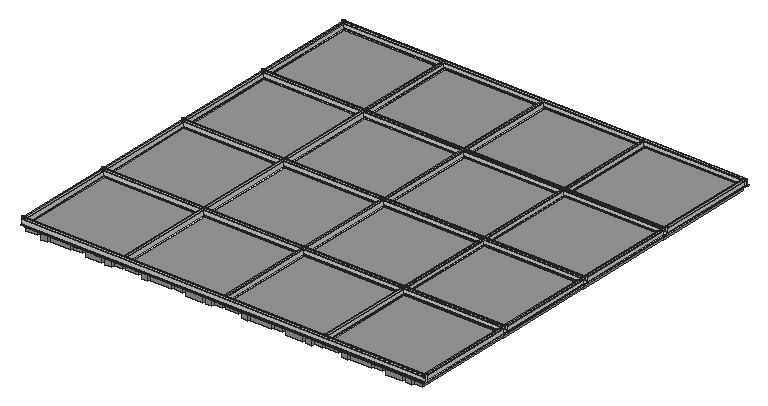
Revit family "GRD-FPG-013_TILE 003_RFA", category Modelos genéricos, Revit 2022
Family settings
  Puede alojar armadura = No
  Cota de conector redondo = Diámetro de uso
  Tipo de pieza = Normal
  Se basa en plano de trabajo = No
  Siempre vertical = Sí
  Corte con vacíos al cargar = No
  Mantener orientación de anotación = No
  Compartido = No
  Punto de cálculo de habitación = No
Parameters
  Elevación por defecto = 0.00"
Reference planes (in)
  plane 1 "Centro (Frontal/Posterior)": y = 0
  plane 2: z = 0
  plane 3 "Centro (Izquierda/Derecha)": x = 0
Forms (in)
  Extrusion 1, solid, not visible
    sketch origin (0, 0, 0) x (1, 0, 0) y (0, 1, 0)
      loop
        line (0, 2.25) -> (0, 0) -> (108, 0) -> (108, 2.25) -> (0, 2.25)
    from 0 to 8
  Extrusion 2, solid, not visible
    sketch origin (0, 0, 0) x (1, 0, 0) y (0, 1, 0)
      loop
        line (0, 2.25) -> (0, 0) -> (108, 0) -> (108, 2.25) -> (0, 2.25)
    from 0 to 8
  Extrusion 3, solid, not visible
    sketch origin (0, 8, 0) x (1, 0, 0) y (0, 1, 0)
      loop
        line (0, 2.25) -> (0, 0) -> (108, 0) -> (108, 2.25) -> (0, 2.25)
    from 0 to 8
  Extrusion 4, solid, not visible
    sketch origin (0, 16, 0) x (1, 0, 0) y (0, 1, 0)
      loop
        line (0, 2.25) -> (0, 0) -> (108, 0) -> (108, 2.25) -> (0, 2.25)
    from 0 to 8
  Extrusion 5, solid, not visible
    sketch origin (0, 24, 0) x (1, 0, 0) y (0, 1, 0)
      loop
        line (0, 2.25) -> (0, 0) -> (108, 0) -> (108, 2.25) -> (0, 2.25)
    from 0 to 8
  Extrusion 6, solid, not visible
    sketch origin (0, 32, 0) x (1, 0, 0) y (0, 1, 0)
      loop
        line (0, 2.25) -> (0, 0) -> (108, 0) -> (108, 2.25) -> (0, 2.25)
    from 0 to 8
  Extrusion 7, solid, not visible
    sketch origin (0, 40, 0) x (1, 0, 0) y (0, 1, 0)
      loop
        line (0, 2.25) -> (0, 0) -> (108, 0) -> (108, 2.25) -> (0, 2.25)
    from 0 to 8
  Extrusion 8, solid, not visible
    sketch origin (0, 48, 0) x (1, 0, 0) y (0, 1, 0)
      loop
        line (0, 2.25) -> (0, 0) -> (108, 0) -> (108, 2.25) -> (0, 2.25)
    from 0 to 8
  Extrusion 9, solid, not visible
    sketch origin (0, 56, 0) x (1, 0, 0) y (0, 1, 0)
      loop
        line (0, 2.25) -> (0, 0) -> (108, 0) -> (108, 2.25) -> (0, 2.25)
    from 0 to 8
  Extrusion 10, solid, not visible
    sketch origin (0, 64, 0) x (1, 0, 0) y (0, 1, 0)
      loop
        line (0, 2.25) -> (0, 0) -> (108, 0) -> (108, 2.25) -> (0, 2.25)
    from 0 to 8
  Extrusion 11, solid, not visible
    sketch origin (0, 72, 0) x (1, 0, 0) y (0, 1, 0)
      loop
        line (0, 2.25) -> (0, 0) -> (108, 0) -> (108, 2.25) -> (0, 2.25)
    from 0 to 8
  Extrusion 12, solid, not visible
    sketch origin (0, 80, 0) x (1, 0, 0) y (0, 1, 0)
      loop
        line (0, 2.25) -> (0, 0) -> (108, 0) -> (108, 2.25) -> (0, 2.25)
    from 0 to 8
  Extrusion 13, solid, not visible
    sketch origin (0, 88, 0) x (1, 0, 0) y (0, 1, 0)
      loop
        line (0, 2.25) -> (0, 0) -> (108, 0) -> (108, 2.25) -> (0, 2.25)
    from 0 to 8
  Extrusion 14, solid, not visible
    sketch origin (0, 96, 0) x (1, 0, 0) y (0, 1, 0)
      loop
        line (0, 2.25) -> (0, 0) -> (108, 0) -> (108, 2.25) -> (0, 2.25)
    from 0 to 8
  Extrusion 15, solid, not visible
    sketch origin (0, 104, 0) x (1, 0, 0) y (0, 1, 0)
      loop
        line (0, 2.25) -> (0, 0) -> (108, 0) -> (108, 2.25) -> (0, 2.25)
    from 0 to 8
  Extrusion 16, solid, not visible
    sketch origin (0, 112, 0) x (1, 0, 0) y (0, 1, 0)
      loop
        line (0, 2.25) -> (0, 0) -> (108, 0) -> (108, 2.25) -> (0, 2.25)
    from 0 to 8
  Extrusion 17, solid, not visible
    sketch origin (0, 120, 0) x (1, 0, 0) y (0, 1, 0)
      loop
        line (0, 2.25) -> (0, 0) -> (108, 0) -> (108, 2.25) -> (0, 2.25)
    from 0 to 8
  Extrusion 18, solid, not visible
    sketch origin (0, 128, 0) x (1, 0, 0) y (0, 1, 0)
      loop
        line (0, 2.25) -> (0, 0) -> (108, 0) -> (108, 2.25) -> (0, 2.25)
    from 0 to 8
  Extrusion 19, solid, not visible
    sketch origin (0, 136, 0) x (1, 0, 0) y (0, 1, 0)
      loop
        line (0, 2.25) -> (0, 0) -> (108, 0) -> (108, 2.25) -> (0, 2.25)
    from 0 to 8
  Extrusion 20, solid, not visible
    sketch origin (0, 144, 0) x (1, 0, 0) y (0, 1, 0)
      loop
        line (0, 2.25) -> (0, 0) -> (108, 0) -> (108, 2.25) -> (0, 2.25)
    from 0 to 8
  Extrusion 21, solid, not visible
    sketch origin (0, 152, 0) x (1, 0, 0) y (0, 1, 0)
      loop
        line (0, 2.25) -> (0, 0) -> (108, 0) -> (108, 2.25) -> (0, 2.25)
    from 0 to 8
  Extrusion 22, solid, not visible
    sketch origin (109, 0, 0) x (1, 0, 0) y (0, 1, 0)
      loop
        line (0, 2.25) -> (0, 0) -> (108, 0) -> (108, 2.25) -> (0, 2.25)
    from 0 to 8
  Extrusion 23, solid, not visible
    sketch origin (109, 8, 0) x (1, 0, 0) y (0, 1, 0)
      loop
        line (0, 2.25) -> (0, 0) -> (108, 0) -> (108, 2.25) -> (0, 2.25)
    from 0 to 8
  Extrusion 24, solid, not visible
    sketch origin (109, 16, 0) x (1, 0, 0) y (0, 1, 0)
      loop
        line (0, 2.25) -> (0, 0) -> (108, 0) -> (108, 2.25) -> (0, 2.25)
    from 0 to 8
  Extrusion 25, solid, not visible
    sketch origin (109, 24, 0) x (1, 0, 0) y (0, 1, 0)
      loop
        line (0, 2.25) -> (0, 0) -> (108, 0) -> (108, 2.25) -> (0, 2.25)
    from 0 to 8
  Extrusion 26, solid, not visible
    sketch origin (109, 32, 0) x (1, 0, 0) y (0, 1, 0)
      loop
        line (0, 2.25) -> (0, 0) -> (108, 0) -> (108, 2.25) -> (0, 2.25)
    from 0 to 8
  Extrusion 27, solid, not visible
    sketch origin (109, 40, 0) x (1, 0, 0) y (0, 1, 0)
      loop
        line (0, 2.25) -> (0, 0) -> (108, 0) -> (108, 2.25) -> (0, 2.25)
    from 0 to 8
  Extrusion 28, solid, not visible
    sketch origin (109, 48, 0) x (1, 0, 0) y (0, 1, 0)
      loop
        line (0, 2.25) -> (0, 0) -> (108, 0) -> (108, 2.25) -> (0, 2.25)
    from 0 to 8
  Extrusion 29, solid, not visible
    sketch origin (109, 56, 0) x (1, 0, 0) y (0, 1, 0)
      loop
        line (0, 2.25) -> (0, 0) -> (108, 0) -> (108, 2.25) -> (0, 2.25)
    from 0 to 8
  Extrusion 30, solid, not visible
    sketch origin (109, 64, 0) x (1, 0, 0) y (0, 1, 0)
      loop
        line (0, 2.25) -> (0, 0) -> (108, 0) -> (108, 2.25) -> (0, 2.25)
    from 0 to 8
  Extrusion 31, solid, not visible
    sketch origin (109, 72, 0) x (1, 0, 0) y (0, 1, 0)
      loop
        line (0, 2.25) -> (0, 0) -> (108, 0) -> (108, 2.25) -> (0, 2.25)
    from 0 to 8
  Extrusion 32, solid, not visible
    sketch origin (109, 80, 0) x (1, 0, 0) y (0, 1, 0)
      loop
        line (0, 2.25) -> (0, 0) -> (108, 0) -> (108, 2.25) -> (0, 2.25)
    from 0 to 8
  Extrusion 33, solid, not visible
    sketch origin (109, 88, 0) x (1, 0, 0) y (0, 1, 0)
      loop
        line (0, 2.25) -> (0, 0) -> (108, 0) -> (108, 2.25) -> (0, 2.25)
    from 0 to 8
  Extrusion 34, solid, not visible
    sketch origin (109, 96, 0) x (1, 0, 0) y (0, 1, 0)
      loop
        line (0, 2.25) -> (0, 0) -> (108, 0) -> (108, 2.25) -> (0, 2.25)
    from 0 to 8
  Extrusion 35, solid, not visible
    sketch origin (109, 104, 0) x (1, 0, 0) y (0, 1, 0)
      loop
        line (0, 2.25) -> (0, 0) -> (108, 0) -> (108, 2.25) -> (0, 2.25)
    from 0 to 8
  Extrusion 36, solid, not visible
    sketch origin (109, 112, 0) x (1, 0, 0) y (0, 1, 0)
      loop
        line (0, 2.25) -> (0, 0) -> (108, 0) -> (108, 2.25) -> (0, 2.25)
    from 0 to 8
  Extrusion 37, solid, not visible
    sketch origin (109, 120, 0) x (1, 0, 0) y (0, 1, 0)
      loop
        line (0, 2.25) -> (0, 0) -> (108, 0) -> (108, 2.25) -> (0, 2.25)
    from 0 to 8
  Extrusion 38, solid, not visible
    sketch origin (109, 128, 0) x (1, 0, 0) y (0, 1, 0)
      loop
        line (0, 2.25) -> (0, 0) -> (108, 0) -> (108, 2.25) -> (0, 2.25)
    from 0 to 8
  Extrusion 39, solid, not visible
    sketch origin (109, 136, 0) x (1, 0, 0) y (0, 1, 0)
      loop
        line (0, 2.25) -> (0, 0) -> (108, 0) -> (108, 2.25) -> (0, 2.25)
    from 0 to 8
  Extrusion 40, solid, not visible
    sketch origin (109, 144, 0) x (1, 0, 0) y (0, 1, 0)
      loop
        line (0, 2.25) -> (0, 0) -> (108, 0) -> (108, 2.25) -> (0, 2.25)
    from 0 to 8
  Extrusion 41, solid, not visible
    sketch origin (109, 152, 0) x (1, 0, 0) y (0, 1, 0)
      loop
        line (0, 2.25) -> (0, 0) -> (108, 0) -> (108, 2.25) -> (0, 2.25)
    from 0 to 8
  Extrusion 42, solid, not visible
    sketch origin (-108, 0, 0) x (1, 0, 0) y (0, 1, 0)
      loop
        line (0, 2.25) -> (0, 0) -> (108, 0) -> (108, 2.25) -> (0, 2.25)
    from 0 to 8
  Extrusion 43, solid, not visible
    sketch origin (-108, 8, 0) x (1, 0, 0) y (0, 1, 0)
      loop
        line (0, 2.25) -> (0, 0) -> (108, 0) -> (108, 2.25) -> (0, 2.25)
    from 0 to 8
  Extrusion 44, solid, not visible
    sketch origin (-108, 16, 0) x (1, 0, 0) y (0, 1, 0)
      loop
        line (0, 2.25) -> (0, 0) -> (108, 0) -> (108, 2.25) -> (0, 2.25)
    from 0 to 8
  Extrusion 45, solid, not visible
    sketch origin (-108, 24, 0) x (1, 0, 0) y (0, 1, 0)
      loop
        line (0, 2.25) -> (0, 0) -> (108, 0) -> (108, 2.25) -> (0, 2.25)
    from 0 to 8
  Extrusion 46, solid, not visible
    sketch origin (-108, 32, 0) x (1, 0, 0) y (0, 1, 0)
      loop
        line (0, 2.25) -> (0, 0) -> (108, 0) -> (108, 2.25) -> (0, 2.25)
    from 0 to 8
  Extrusion 47, solid, not visible
    sketch origin (-108, 40, 0) x (1, 0, 0) y (0, 1, 0)
      loop
        line (0, 2.25) -> (0, 0) -> (108, 0) -> (108, 2.25) -> (0, 2.25)
    from 0 to 8
  Extrusion 48, solid, not visible
    sketch origin (1, 0, 0) x (1, 0, 0) y (0, 1, 0)
      loop
        line (0, 2.25) -> (0, 0) -> (108, 0) -> (108, 2.25) -> (0, 2.25)
    from 0 to 8
  Extrusion 49, solid, not visible
    sketch origin (1, 8, 0) x (1, 0, 0) y (0, 1, 0)
      loop
        line (0, 2.25) -> (0, 0) -> (108, 0) -> (108, 2.25) -> (0, 2.25)
    from 0 to 8
  Extrusion 50, solid, not visible
    sketch origin (1, 16, 0) x (1, 0, 0) y (0, 1, 0)
      loop
        line (0, 2.25) -> (0, 0) -> (108, 0) -> (108, 2.25) -> (0, 2.25)
    from 0 to 8
  Extrusion 51, solid, not visible
    sketch origin (1, 24, 0) x (1, 0, 0) y (0, 1, 0)
      loop
        line (0, 2.25) -> (0, 0) -> (108, 0) -> (108, 2.25) -> (0, 2.25)
    from 0 to 8
  Extrusion 52, solid, not visible
    sketch origin (1, 32, 0) x (1, 0, 0) y (0, 1, 0)
      loop
        line (0, 2.25) -> (0, 0) -> (108, 0) -> (108, 2.25) -> (0, 2.25)
    from 0 to 8
  Extrusion 53, solid, not visible
    sketch origin (1, 40, 0) x (1, 0, 0) y (0, 1, 0)
      loop
        line (0, 2.25) -> (0, 0) -> (108, 0) -> (108, 2.25) -> (0, 2.25)
    from 0 to 8
  Extrusion 54, solid, not visible
    sketch origin (-108, 48, 0) x (1, 0, 0) y (0, 1, 0)
      loop
        line (0, 2.25) -> (0, 0) -> (108, 0) -> (108, 2.25) -> (0, 2.25)
    from 0 to 8
  Extrusion 55, solid, not visible
    sketch origin (-108, 56, 0) x (1, 0, 0) y (0, 1, 0)
      loop
        line (0, 2.25) -> (0, 0) -> (108, 0) -> (108, 2.25) -> (0, 2.25)
    from 0 to 8
  Extrusion 56, solid, not visible
    sketch origin (-108, 64, 0) x (1, 0, 0) y (0, 1, 0)
      loop
        line (0, 2.25) -> (0, 0) -> (108, 0) -> (108, 2.25) -> (0, 2.25)
    from 0 to 8
  Extrusion 57, solid, not visible
    sketch origin (-108, 72, 0) x (1, 0, 0) y (0, 1, 0)
      loop
        line (0, 2.25) -> (0, 0) -> (108, 0) -> (108, 2.25) -> (0, 2.25)
    from 0 to 8
  Extrusion 58, solid, not visible
    sketch origin (-108, 80, 0) x (1, 0, 0) y (0, 1, 0)
      loop
        line (0, 2.25) -> (0, 0) -> (108, 0) -> (108, 2.25) -> (0, 2.25)
    from 0 to 8
  Extrusion 59, solid, not visible
    sketch origin (1, 48, 0) x (1, 0, 0) y (0, 1, 0)
      loop
        line (0, 2.25) -> (0, 0) -> (108, 0) -> (108, 2.25) -> (0, 2.25)
    from 0 to 8
  Extrusion 60, solid, not visible
    sketch origin (1, 56, 0) x (1, 0, 0) y (0, 1, 0)
      loop
        line (0, 2.25) -> (0, 0) -> (108, 0) -> (108, 2.25) -> (0, 2.25)
    from 0 to 8
  Extrusion 61, solid, not visible
    sketch origin (1, 64, 0) x (1, 0, 0) y (0, 1, 0)
      loop
        line (0, 2.25) -> (0, 0) -> (108, 0) -> (108, 2.25) -> (0, 2.25)
    from 0 to 8
  Extrusion 62, solid, not visible
    sketch origin (1, 72, 0) x (1, 0, 0) y (0, 1, 0)
      loop
        line (0, 2.25) -> (0, 0) -> (108, 0) -> (108, 2.25) -> (0, 2.25)
    from 0 to 8
  Extrusion 63, solid, not visible
    sketch origin (1, 80, 0) x (1, 0, 0) y (0, 1, 0)
      loop
        line (0, 2.25) -> (0, 0) -> (108, 0) -> (108, 2.25) -> (0, 2.25)
    from 0 to 8
  Extrusion 64, solid, not visible
    sketch origin (-108, 88, 0) x (1, 0, 0) y (0, 1, 0)
      loop
        line (0, 2.25) -> (0, 0) -> (108, 0) -> (108, 2.25) -> (0, 2.25)
    from 0 to 8
  Extrusion 65, solid, not visible
    sketch origin (-108, 96, 0) x (1, 0, 0) y (0, 1, 0)
      loop
        line (0, 2.25) -> (0, 0) -> (108, 0) -> (108, 2.25) -> (0, 2.25)
    from 0 to 8
  Extrusion 66, solid, not visible
    sketch origin (-108, 104, 0) x (1, 0, 0) y (0, 1, 0)
      loop
        line (0, 2.25) -> (0, 0) -> (108, 0) -> (108, 2.25) -> (0, 2.25)
    from 0 to 8
  Extrusion 67, solid, not visible
    sketch origin (-108, 112, 0) x (1, 0, 0) y (0, 1, 0)
      loop
        line (0, 2.25) -> (0, 0) -> (108, 0) -> (108, 2.25) -> (0, 2.25)
    from 0 to 8
  Extrusion 68, solid, not visible
    sketch origin (-108, 120, 0) x (1, 0, 0) y (0, 1, 0)
      loop
        line (0, 2.25) -> (0, 0) -> (108, 0) -> (108, 2.25) -> (0, 2.25)
    from 0 to 8
  Extrusion 69, solid, not visible
    sketch origin (1, 88, 0) x (1, 0, 0) y (0, 1, 0)
      loop
        line (0, 2.25) -> (0, 0) -> (108, 0) -> (108, 2.25) -> (0, 2.25)
    from 0 to 8
  Extrusion 70, solid, not visible
    sketch origin (1, 96, 0) x (1, 0, 0) y (0, 1, 0)
      loop
        line (0, 2.25) -> (0, 0) -> (108, 0) -> (108, 2.25) -> (0, 2.25)
    from 0 to 8
  Extrusion 71, solid, not visible
    sketch origin (1, 104, 0) x (1, 0, 0) y (0, 1, 0)
      loop
        line (0, 2.25) -> (0, 0) -> (108, 0) -> (108, 2.25) -> (0, 2.25)
    from 0 to 8
  Extrusion 72, solid, not visible
    sketch origin (1, 112, 0) x (1, 0, 0) y (0, 1, 0)
      loop
        line (0, 2.25) -> (0, 0) -> (108, 0) -> (108, 2.25) -> (0, 2.25)
    from 0 to 8
  Extrusion 73, solid, not visible
    sketch origin (1, 120, 0) x (1, 0, 0) y (0, 1, 0)
      loop
        line (0, 2.25) -> (0, 0) -> (108, 0) -> (108, 2.25) -> (0, 2.25)
    from 0 to 8
  Extrusion 74, solid, not visible
    sketch origin (-108, 128, 0) x (1, 0, 0) y (0, 1, 0)
      loop
        line (0, 2.25) -> (0, 0) -> (108, 0) -> (108, 2.25) -> (0, 2.25)
    from 0 to 8
  Extrusion 75, solid, not visible
    sketch origin (-108, 136, 0) x (1, 0, 0) y (0, 1, 0)
      loop
        line (0, 2.25) -> (0, 0) -> (108, 0) -> (108, 2.25) -> (0, 2.25)
    from 0 to 8
  Extrusion 76, solid, not visible
    sketch origin (-108, 144, 0) x (1, 0, 0) y (0, 1, 0)
      loop
        line (0, 2.25) -> (0, 0) -> (108, 0) -> (108, 2.25) -> (0, 2.25)
    from 0 to 8
  Extrusion 77, solid, not visible
    sketch origin (-108, 152, 0) x (1, 0, 0) y (0, 1, 0)
      loop
        line (0, 2.25) -> (0, 0) -> (108, 0) -> (108, 2.25) -> (0, 2.25)
    from 0 to 8
  Extrusion 78, solid, not visible
    sketch origin (-108, 160, 0) x (1, 0, 0) y (0, 1, 0)
      loop
        line (0, 2.25) -> (0, 0) -> (108, 0) -> (108, 2.25) -> (0, 2.25)
    from 0 to 8
  Extrusion 79, solid, not visible
    sketch origin (1, 128, 0) x (1, 0, 0) y (0, 1, 0)
      loop
        line (0, 2.25) -> (0, 0) -> (108, 0) -> (108, 2.25) -> (0, 2.25)
    from 0 to 8
  Extrusion 80, solid, not visible
    sketch origin (1, 136, 0) x (1, 0, 0) y (0, 1, 0)
      loop
        line (0, 2.25) -> (0, 0) -> (108, 0) -> (108, 2.25) -> (0, 2.25)
    from 0 to 8
  Extrusion 81, solid, not visible
    sketch origin (1, 144, 0) x (1, 0, 0) y (0, 1, 0)
      loop
        line (0, 2.25) -> (0, 0) -> (108, 0) -> (108, 2.25) -> (0, 2.25)
    from 0 to 8
  Extrusion 82, solid, not visible
    sketch origin (1, 152, 0) x (1, 0, 0) y (0, 1, 0)
      loop
        line (0, 2.25) -> (0, 0) -> (108, 0) -> (108, 2.25) -> (0, 2.25)
    from 0 to 8
  Extrusion 83, solid, not visible
    sketch origin (1, 160, 0) x (1, 0, 0) y (0, 1, 0)
      loop
        line (0, 2.25) -> (0, 0) -> (108, 0) -> (108, 2.25) -> (0, 2.25)
    from 0 to 8
  Extrusion 84, solid, not visible
    sketch origin (0, 0, 0) x (1, 0, 0) y (0, 1, 0)
      loop
        line (0, 3) -> (0, 0) -> (108, 0) -> (108, 3) -> (0, 3)
    from 0 to 8
  Extrusion 85, void, not visible
    sketch origin (0, 0, 0) x (1, 0, 0) y (0, 1, 0)
      loop
        line (6, 2) -> (6, 1) -> (66, 1) -> (66, 2) -> (6, 2)
    from 0 to 1.03
  Extrusion 86, solid, not visible
    sketch origin (0, 0, 0) x (1, 0, 0) y (0, 1, 0)
      loop
        line (0, 3) -> (0, 0) -> (108, 0) -> (108, 3) -> (0, 3)
    from 0 to 8
  Extrusion 87, void, not visible
    sketch origin (0, 0, 0) x (1, 0, 0) y (0, 1, 0)
      loop
        line (6, 2) -> (6, 1) -> (66, 1) -> (66, 2) -> (6, 2)
    from 0 to 1.03
  Extrusion 88, solid, not visible
    sketch origin (0, 0, 0) x (1, 0, 0) y (0, 1, 0)
      loop
        line (6, 2) -> (6, 1) -> (66, 1) -> (66, 2) -> (6, 2)
    from 0 to 1.03
  Extrusion 89, solid, not visible
    sketch origin (0, 32, 0) x (1, 0, 0) y (0, 1, 0)
      loop
        line (0, 3) -> (0, 0) -> (108, 0) -> (108, 3) -> (0, 3)
    from 0 to 8
  Extrusion 90, void, not visible
    sketch origin (0, 32, 0) x (1, 0, 0) y (0, 1, 0)
      loop
        line (6, 2) -> (6, 1) -> (102, 1) -> (102, 2) -> (6, 2)
    from 0 to 1.03
  Extrusion 91, solid, not visible
    sketch origin (8.95842, -18.67436, 0) x (1, 0, 0) y (0, 1, 0)
      loop
        line (-8.48642, 97.64679) -> (-8.48642, 97.17436) -> (98.56914, 97.17436) -> (98.56914, 97.64679) -> (-8.48642, 97.64679)
    from 0.59055 to 8
  Extrusion 92, solid, not visible
    sketch origin (8.95842, -16.6468, 0) x (1, 0, 0) y (0, 1, 0)
      loop
        line (-8.48642, 97.64679) -> (-8.48642, 97.17436) -> (98.56914, 97.17436) -> (98.56914, 97.64679) -> (-8.48642, 97.64679)
    from 0.59055 to 8
  Extrusion 93, solid, not visible
    sketch origin (60.46912, 110.28574, 0) x (1, 0, 0) y (0, 1, 0)
      loop
        line (45.03088, -29.28574) -> (-57.96911, -29.28574) -> (-57.96911, -31.78574) -> (45.03088, -31.78574) -> (45.03088, -29.28574)
      loop
        line (23.78088, -31.03574) -> (41.78088, -31.03574) -> (41.78088, -30.03574) -> (23.78088, -30.03574) -> (23.78088, -31.03574)
      loop
        line (-54.71912, -31.03574) -> (-36.71912, -31.03574) -> (-36.71912, -30.03574) -> (-54.71912, -30.03574) -> (-54.71912, -31.03574)
    from 0 to 0.59055
  Extrusion 94, solid, not visible
    sketch origin (108, 51.5, 0) x (0, 1, 0) y (-1, 0, 0)
      loop
        line (27.75, 102.25) -> (27.75, 84.25) -> (28.75, 84.25) -> (28.75, 102.25) -> (27.75, 102.25)
    from 0 to 1
  Extrusion 95, solid, not visible
    sketch origin (186.5, 51.5, 0) x (0, 1, 0) y (-1, 0, 0)
      loop
        line (27.75, 102.25) -> (27.75, 84.25) -> (28.75, 84.25) -> (28.75, 102.25) -> (27.75, 102.25)
    from 0 to 1
  Extrusion 96, solid, not visible
    sketch origin (8.95842, -44.42438, 0) x (1, 0, 0) y (0, 1, 0)
      loop
        line (-8.48642, 97.64679) -> (-8.48642, 97.17436) -> (98.56914, 97.17436) -> (98.56914, 97.64679) -> (-8.48642, 97.64679)
    from 0.59055 to 8
  Extrusion 97, solid, not visible
    sketch origin (8.95842, -42.39682, 0) x (1, 0, 0) y (0, 1, 0)
      loop
        line (-8.48642, 97.64679) -> (-8.48642, 97.17436) -> (98.56914, 97.17436) -> (98.56914, 97.64679) -> (-8.48642, 97.64679)
    from 0.59055 to 8
  Extrusion 98, solid, not visible
    sketch origin (60.46912, 84.53571, 0) x (1, 0, 0) y (0, 1, 0)
      loop
        line (45.03088, -29.28574) -> (-57.96911, -29.28574) -> (-57.96911, -31.78574) -> (45.03088, -31.78574) -> (45.03088, -29.28574)
      loop
        line (-28.96912, -31.03574) -> (-10.96912, -31.03574) -> (-10.96912, -30.03574) -> (-28.96912, -30.03574) -> (-28.96912, -31.03574)
      loop
        line (-3.21912, -31.03571) -> (14.78088, -31.03571) -> (14.78088, -30.03571) -> (-3.21912, -30.03571) -> (-3.21912, -31.03571)
    from 0 to 0.59055
  Extrusion 99, solid, not visible
    sketch origin (133.74998, 25.74998, 0) x (0, 1, 0) y (-1, 0, 0)
      loop
        line (27.75, 102.25) -> (27.75, 84.25) -> (28.75, 84.25) -> (28.75, 102.25) -> (27.75, 102.25)
    from 0 to 1
  Extrusion 100, solid, not visible
    sketch origin (159.49998, 25.74998, 0) x (0, 1, 0) y (-1, 0, 0)
      loop
        line (27.75, 102.25) -> (27.75, 84.25) -> (28.75, 84.25) -> (28.75, 102.25) -> (27.75, 102.25)
    from 0 to 1
  Extrusion 101, solid, not visible
    sketch origin (8.95842, -70.17436, 0) x (1, 0, 0) y (0, 1, 0)
      loop
        line (-8.48642, 97.64679) -> (-8.48642, 97.17436) -> (98.56914, 97.17436) -> (98.56914, 97.64679) -> (-8.48642, 97.64679)
    from 0.59055 to 8
  Extrusion 102, solid, not visible
    sketch origin (8.95842, -68.1468, 0) x (1, 0, 0) y (0, 1, 0)
      loop
        line (-8.48642, 97.64679) -> (-8.48642, 97.17436) -> (98.56914, 97.17436) -> (98.56914, 97.64679) -> (-8.48642, 97.64679)
    from 0.59055 to 8
  Extrusion 103, solid, not visible
    sketch origin (60.46912, 58.78574, 0) x (1, 0, 0) y (0, 1, 0)
      loop
        line (45.03088, -29.28574) -> (-57.96911, -29.28574) -> (-57.96911, -31.78574) -> (45.03088, -31.78574) -> (45.03088, -29.28574)
      loop
        line (23.78088, -31.03574) -> (41.78088, -31.03574) -> (41.78088, -30.03574) -> (23.78088, -30.03574) -> (23.78088, -31.03574)
      loop
        line (-54.71912, -31.03574) -> (-36.71912, -31.03574) -> (-36.71912, -30.03574) -> (-54.71912, -30.03574) -> (-54.71912, -31.03574)
    from 0 to 0.59055
  Extrusion 104, solid, not visible
    sketch origin (108, 0, 0) x (0, 1, 0) y (-1, 0, 0)
      loop
        line (27.75, 102.25) -> (27.75, 84.25) -> (28.75, 84.25) -> (28.75, 102.25) -> (27.75, 102.25)
    from 0 to 1
  Extrusion 105, solid, not visible
    sketch origin (186.5, 0, 0) x (0, 1, 0) y (-1, 0, 0)
      loop
        line (27.75, 102.25) -> (27.75, 84.25) -> (28.75, 84.25) -> (28.75, 102.25) -> (27.75, 102.25)
    from 0 to 1
  Extrusion 106, solid, not visible
    sketch origin (-70.17436, 99.04114, 0) x (0, -1, 0) y (1, 0, 0)
      loop
        line (-8.48642, 97.64679) -> (-8.48642, 97.17436) -> (98.56914, 97.17436) -> (98.56914, 97.64679) -> (-8.48642, 97.64679)
    from 0.59055 to 8
  Extrusion 107, solid, not visible
    sketch origin (-68.1468, 99.04114, 0) x (0, -1, 0) y (1, 0, 0)
      loop
        line (-8.48642, 97.64679) -> (-8.48642, 97.17436) -> (98.56914, 97.17436) -> (98.56914, 97.64679) -> (-8.48642, 97.64679)
    from 0.59055 to 8
  Extrusion 108, solid, not visible
    sketch origin (-2.28571, 86.21912, 0) x (0, 1, 0) y (-1, 0, 0)
      loop
        line (19.28088, -29.28574) -> (-83.71912, -29.28574) -> (-83.71912, -31.78574) -> (19.28088, -31.78574) -> (19.28088, -29.28574)
      loop
        line (16.03088, -31.03571) -> (16.03088, -30.03571) -> (-1.96912, -30.03571) -> (-1.96912, -31.03571) -> (16.03088, -31.03571)
      loop
        line (-62.46912, -31.03571) -> (-62.46912, -30.03571) -> (-80.46912, -30.03571) -> (-80.46912, -31.03571) -> (-62.46912, -31.03571)
    from 0 to 0.59055
  Extrusion 109, solid, not visible
    sketch origin (0, 0, 0) x (1, 0, 0) y (0, 1, 0)
      loop
        line (27.75, 102.25) -> (27.75, 84.25) -> (28.75, 84.25) -> (28.75, 102.25) -> (27.75, 102.25)
    from 0 to 1
  Extrusion 110, solid, not visible
    sketch origin (0, -78.5, 0) x (1, 0, 0) y (0, 1, 0)
      loop
        line (27.75, 102.25) -> (27.75, 84.25) -> (28.75, 84.25) -> (28.75, 102.25) -> (27.75, 102.25)
    from 0 to 1
  Extrusion 111, solid, not visible
    sketch origin (-44.89438, 99.04114, 0) x (0, -1, 0) y (1, 0, 0)
      loop
        line (-8.48642, 97.64679) -> (-8.48642, 97.17436) -> (98.56914, 97.17436) -> (98.56914, 97.64679) -> (-8.48642, 97.64679)
    from 0.59055 to 8
  Extrusion 112, solid, not visible
    sketch origin (-42.39682, 99.04114, 0) x (0, -1, 0) y (1, 0, 0)
      loop
        line (-8.48642, 97.64679) -> (-8.48642, 97.17436) -> (98.56914, 97.17436) -> (98.56914, 97.64679) -> (-8.48642, 97.64679)
    from 0.59055 to 8
  Extrusion 113, solid, not visible
    sketch origin (23.46427, 86.21912, 0) x (0, 1, 0) y (-1, 0, 0)
      loop
        line (19.28088, -28.81571) -> (-83.71912, -28.81571) -> (-83.71912, -31.78574) -> (19.28088, -31.78574) -> (19.28088, -28.81571)
      loop
        line (-28.96912, -29.78573) -> (-28.96912, -30.78571) -> (-10.96912, -30.78571) -> (-10.96912, -29.78573) -> (-28.96912, -29.78573)
      loop
        line (-54.71914, -29.78573) -> (-54.71914, -30.78573) -> (-36.71914, -30.78573) -> (-36.71914, -29.78573) -> (-54.71914, -29.78573)
    from 0 to 0.59055
  Extrusion 114, solid, not visible
    sketch origin (25.74998, -27, 0) x (1, 0, 0) y (0, 1, 0)
      loop
        line (27.50002, 102.25) -> (27.50002, 84.25) -> (28.5, 84.25) -> (28.5, 102.25) -> (27.50002, 102.25)
    from 0 to 1
  Extrusion 115, solid, not visible
    sketch origin (25.74998, -52.75002, 0) x (1, 0, 0) y (0, 1, 0)
      loop
        line (27.50002, 102.25) -> (27.50002, 84.25) -> (28.50002, 84.25) -> (28.50002, 102.25) -> (27.50002, 102.25)
    from 0 to 1
  Extrusion 116, solid, not visible
    sketch origin (-18.67436, 99.04114, 0) x (0, -1, 0) y (1, 0, 0)
      loop
        line (-8.48642, 97.64679) -> (-8.48642, 97.17436) -> (98.56914, 97.17436) -> (98.56914, 97.64679) -> (-8.48642, 97.64679)
    from 0.59055 to 8
  Extrusion 117, solid, not visible
    sketch origin (-16.6468, 99.04114, 0) x (0, -1, 0) y (1, 0, 0)
      loop
        line (-8.48642, 97.64679) -> (-8.48642, 97.17436) -> (98.56914, 97.17436) -> (98.56914, 97.64679) -> (-8.48642, 97.64679)
    from 0.59055 to 8
  Extrusion 118, solid, not visible
    sketch origin (49.21426, 86.21912, 0) x (0, 1, 0) y (-1, 0, 0)
      loop
        line (19.28088, -29.28574) -> (-83.71912, -29.28574) -> (-83.71912, -31.78574) -> (19.28088, -31.78574) -> (19.28088, -29.28574)
      loop
        line (16.03088, -31.03571) -> (16.03088, -30.03571) -> (-1.96912, -30.03571) -> (-1.96912, -31.03571) -> (16.03088, -31.03571)
      loop
        line (-62.46912, -31.03571) -> (-62.46912, -30.03571) -> (-80.46912, -30.03571) -> (-80.46912, -31.03571) -> (-62.46912, -31.03571)
    from 0 to 0.59055
  Extrusion 119, solid, not visible
    sketch origin (51.49997, 0, 0) x (1, 0, 0) y (0, 1, 0)
      loop
        line (27.75, 102.25) -> (27.75, 84.25) -> (28.75, 84.25) -> (28.75, 102.25) -> (27.75, 102.25)
    from 0 to 1
  Extrusion 120, solid, not visible
    sketch origin (51.49997, -78.5, 0) x (1, 0, 0) y (0, 1, 0)
      loop
        line (27.75, 102.25) -> (27.75, 84.25) -> (28.75, 84.25) -> (28.75, 102.25) -> (27.75, 102.25)
    from 0 to 1
  Extrusion 121, solid, not visible
    sketch origin (10.23509, 91.82771, 0) x (0, -1, 0) y (1, 0, 0)
      loop
        line (-16.17229, 97.76491) -> (-15.69986, 97.29248) -> (91.35527, 97.29248) -> (91.82771, 97.76491) -> (-16.17229, 97.76491)
    from 0.59055 to 8
  Extrusion 122, solid, not visible
    sketch origin (137.28574, 61.88413, 0) x (0, 1, 0) y (-1, 0, 0)
      loop
        line (46.11587, 29.28574) -> (43.61587, 31.78574) -> (-59.38412, 31.78574) -> (-61.88412, 29.28574) -> (46.11587, 29.28574)
    from 0 to 0.59055
  Extrusion 123, solid, not visible
    sketch origin (8.20754, 91.82771, 0) x (0, -1, 0) y (1, 0, 0)
      loop
        line (-14.14474, 97.76491) -> (-13.67231, 97.29248) -> (89.32772, 97.29248) -> (89.80016, 97.76491) -> (-14.14474, 97.76491)
    from 0.59055 to 8.22418
  Extrusion 124, solid, not visible
    sketch origin (18.95842, 10.23509, 0) x (1, 0, 0) y (0, 1, 0)
      loop
        line (-18.95842, 97.76491) -> (-18.48598, 97.29247) -> (88.56914, 97.29247) -> (89.04158, 97.76491) -> (-18.95842, 97.76491)
    from 0.59055 to 8
  Extrusion 125, solid, not visible
    sketch origin (61.88413, 137.28574, 0) x (1, 0, 0) y (0, 1, 0)
      loop
        line (46.11587, -29.28574) -> (-61.88412, -29.28574) -> (-59.38412, -31.78574) -> (43.61587, -31.78574) -> (46.11587, -29.28574)
    from 0 to 0.59055
  Extrusion 126, solid, not visible
    sketch origin (18.95842, 8.20753, 0) x (1, 0, 0) y (0, 1, 0)
      loop
        line (-16.93086, 97.76491) -> (-16.45842, 97.29247) -> (86.54158, 97.29247) -> (87.01402, 97.76491) -> (-16.93086, 97.76491)
    from 0.59055 to 8
  Extrusion 127, solid, not visible
    sketch origin (-101.24865, 87.31603, 0) x (0, -1, 0) y (1, 0, 0)
      loop
        line (-20.21152, 101.72109) -> (-20.68397, 101.24865) -> (87.31604, 101.24865) -> (86.84359, 101.72109) -> (-20.21152, 101.72109)
    from 0.47244 to 8
  Extrusion 128, solid, not visible
    sketch origin (-29.28573, 61.88413, 0) x (0, 1, 0) y (-1, 0, 0)
      loop
        line (46.11587, -29.28574) -> (-61.88412, -29.28574) -> (-59.38412, -31.78574) -> (43.61587, -31.78574) -> (46.11587, -29.28574)
    from 0 to 0.59055
  Extrusion 129, solid, not visible
    sketch origin (-99.22109, 87.31603, 0) x (0, -1, 0) y (1, 0, 0)
      loop
        line (-18.18396, 101.72109) -> (-18.65641, 101.24865) -> (85.28848, 101.24865) -> (84.81603, 101.72109) -> (-18.18396, 101.72109)
    from 0.47244 to 8
  Extrusion 130, solid, not visible
    sketch origin (61.88413, -29.28574, 0) x (1, 0, 0) y (0, 1, 0)
      loop
        line (46.11587, 29.28574) -> (43.61587, 31.78574) -> (-59.38412, 31.78574) -> (-61.88412, 29.28574) -> (46.11587, 29.28574)
    from 0 to 0.47244
  Extrusion 131, solid, not visible
    sketch origin (8.95842, -97.17435, 0) x (1, 0, 0) y (0, 1, 0)
      loop
        line (-8.48598, 97.64679) -> (-8.95842, 97.17436) -> (99.04157, 97.17436) -> (98.56914, 97.64679) -> (-8.48598, 97.64679)
    from 0.59055 to 8
  Extrusion 132, solid, not visible
    sketch origin (8.95842, -95.14679, 0) x (1, 0, 0) y (0, 1, 0)
      loop
        line (-6.45842, 97.64679) -> (-6.93085, 97.17436) -> (97.01401, 97.17436) -> (96.54158, 97.64679) -> (-6.45842, 97.64679)
    from 0.59055 to 8
  Extrusion 133, solid, not visible
    sketch origin (61.88413, -29.28574, 0) x (1, 0, 0) y (0, 1, 0)
      loop
        line (46.11587, 29.28574) -> (43.61587, 31.78574) -> (-59.38412, 31.78574) -> (-61.88412, 29.28574) -> (46.11587, 29.28574)
    from 0 to 0.47244
  Extrusion 134, solid, not visible
    sketch origin (18.95842, 10.23509, 0) x (1, 0, 0) y (0, 1, 0)
      loop
        line (-18.95842, 97.76491) -> (-18.48598, 97.29247) -> (88.56914, 97.29247) -> (89.04158, 97.76491) -> (-18.95842, 97.76491)
    from 0.59055 to 8
  Extrusion 135, solid, not visible
    sketch origin (8.95842, -97.17435, 0) x (1, 0, 0) y (0, 1, 0)
      loop
        line (-8.48598, 97.64679) -> (-8.95842, 97.17436) -> (99.04157, 97.17436) -> (98.56914, 97.64679) -> (-8.48598, 97.64679)
    from 0.59055 to 8
  Extrusion 136, solid, not visible
    sketch origin (10.23509, 91.82771, 0) x (0, -1, 0) y (1, 0, 0)
      loop
        line (-16.17229, 97.76491) -> (-15.69986, 97.29248) -> (91.35527, 97.29248) -> (91.82771, 97.76491) -> (-16.17229, 97.76491)
    from 0.59055 to 8
  Extrusion 137, solid, not visible
    sketch origin (-101.24865, 87.31603, 0) x (0, -1, 0) y (1, 0, 0)
      loop
        line (-20.21152, 101.72109) -> (-20.68397, 101.24865) -> (87.31604, 101.24865) -> (86.84359, 101.72109) -> (-20.21152, 101.72109)
    from 0.47244 to 8
  Extrusion 138, solid, not visible
    sketch origin (61.88413, 137.28574, 0) x (1, 0, 0) y (0, 1, 0)
      loop
        line (46.11587, -29.28574) -> (-61.88412, -29.28574) -> (-59.38412, -31.78574) -> (43.61587, -31.78574) -> (46.11587, -29.28574)
    from 0 to 0.59055
  Extrusion 139, solid, not visible
    sketch origin (-29.28573, 61.88413, 0) x (0, 1, 0) y (-1, 0, 0)
      loop
        line (46.11587, -29.28574) -> (-61.88412, -29.28574) -> (-59.38412, -31.78574) -> (43.61587, -31.78574) -> (46.11587, -29.28574)
    from 0 to 0.59055
  Extrusion 140, solid, not visible
    sketch origin (137.28574, 61.88413, 0) x (0, 1, 0) y (-1, 0, 0)
      loop
        line (46.11587, 29.28574) -> (43.61587, 31.78574) -> (-59.38412, 31.78574) -> (-61.88412, 29.28574) -> (46.11587, 29.28574)
    from 0 to 0.59055
  Extrusion 141, solid, not visible
    sketch origin (8.95842, -95.14679, 0) x (1, 0, 0) y (0, 1, 0)
      loop
        line (-6.45842, 97.64679) -> (-6.93085, 97.17436) -> (97.01401, 97.17436) -> (96.54158, 97.64679) -> (-6.45842, 97.64679)
    from 0.59055 to 8
  Extrusion 142, solid, not visible
    sketch origin (-99.22109, 87.31603, 0) x (0, -1, 0) y (1, 0, 0)
      loop
        line (-18.18396, 101.72109) -> (-18.65641, 101.24865) -> (85.28848, 101.24865) -> (84.81603, 101.72109) -> (-18.18396, 101.72109)
    from 0.47244 to 8
  Extrusion 143, solid, not visible
    sketch origin (18.95842, 8.20753, 0) x (1, 0, 0) y (0, 1, 0)
      loop
        line (-16.93086, 97.76491) -> (-16.45842, 97.29247) -> (86.54158, 97.29247) -> (87.01402, 97.76491) -> (-16.93086, 97.76491)
    from 0.59055 to 8
  Extrusion 144, solid, not visible
    sketch origin (8.20754, 91.82771, 0) x (0, -1, 0) y (1, 0, 0)
      loop
        line (-14.14474, 97.76491) -> (-13.67231, 97.29248) -> (89.32772, 97.29248) -> (89.80016, 97.76491) -> (-14.14474, 97.76491)
    from 0.59055 to 8.22418
  Extrusion 145, solid, not visible
    sketch origin (8.95842, -70.17436, 0) x (1, 0, 0) y (0, 1, 0)
      loop
        line (-8.48642, 97.64679) -> (-8.48642, 97.17436) -> (98.56914, 97.17436) -> (98.56914, 97.64679) -> (-8.48642, 97.64679)
    from 0.59055 to 8
  Extrusion 146, solid, not visible
    sketch origin (8.95842, -68.1468, 0) x (1, 0, 0) y (0, 1, 0)
      loop
        line (-8.48642, 97.64679) -> (-8.48642, 97.17436) -> (98.56914, 97.17436) -> (98.56914, 97.64679) -> (-8.48642, 97.64679)
    from 0.59055 to 8
  Extrusion 147, solid, not visible
    sketch origin (8.95842, -44.42438, 0) x (1, 0, 0) y (0, 1, 0)
      loop
        line (-8.48642, 97.64679) -> (-8.48642, 97.17436) -> (98.56914, 97.17436) -> (98.56914, 97.64679) -> (-8.48642, 97.64679)
    from 0.59055 to 8
  Extrusion 148, solid, not visible
    sketch origin (8.95842, -42.39682, 0) x (1, 0, 0) y (0, 1, 0)
      loop
        line (-8.48642, 97.64679) -> (-8.48642, 97.17436) -> (98.56914, 97.17436) -> (98.56914, 97.64679) -> (-8.48642, 97.64679)
    from 0.59055 to 8
  Extrusion 149, solid, not visible
    sketch origin (8.95842, -18.67436, 0) x (1, 0, 0) y (0, 1, 0)
      loop
        line (-8.48642, 97.64679) -> (-8.48642, 97.17436) -> (98.56914, 97.17436) -> (98.56914, 97.64679) -> (-8.48642, 97.64679)
    from 0.59055 to 8
  Extrusion 150, solid, not visible
    sketch origin (8.95842, -16.6468, 0) x (1, 0, 0) y (0, 1, 0)
      loop
        line (-8.48642, 97.64679) -> (-8.48642, 97.17436) -> (98.56914, 97.17436) -> (98.56914, 97.64679) -> (-8.48642, 97.64679)
    from 0.59055 to 8
  Extrusion 151, solid, not visible
    sketch origin (-70.17436, 99.04114, 0) x (0, -1, 0) y (1, 0, 0)
      loop
        line (-8.48642, 97.64679) -> (-8.48642, 97.17436) -> (98.56914, 97.17436) -> (98.56914, 97.64679) -> (-8.48642, 97.64679)
    from 0.59055 to 8
  Extrusion 152, solid, not visible
    sketch origin (-68.1468, 99.04114, 0) x (0, -1, 0) y (1, 0, 0)
      loop
        line (-8.48642, 97.64679) -> (-8.48642, 97.17436) -> (98.56914, 97.17436) -> (98.56914, 97.64679) -> (-8.48642, 97.64679)
    from 0.59055 to 8
  Extrusion 153, solid, not visible
    sketch origin (-44.89438, 99.04114, 0) x (0, -1, 0) y (1, 0, 0)
      loop
        line (-8.48642, 97.64679) -> (-8.48642, 97.17436) -> (98.56914, 97.17436) -> (98.56914, 97.64679) -> (-8.48642, 97.64679)
    from 0.59055 to 8
  Extrusion 154, solid, not visible
    sketch origin (-42.39682, 99.04114, 0) x (0, -1, 0) y (1, 0, 0)
      loop
        line (-8.48642, 97.64679) -> (-8.48642, 97.17436) -> (98.56914, 97.17436) -> (98.56914, 97.64679) -> (-8.48642, 97.64679)
    from 0.59055 to 8
  Extrusion 155, solid, not visible
    sketch origin (-18.67436, 99.04114, 0) x (0, -1, 0) y (1, 0, 0)
      loop
        line (-8.48642, 97.64679) -> (-8.48642, 97.17436) -> (98.56914, 97.17436) -> (98.56914, 97.64679) -> (-8.48642, 97.64679)
    from 0.59055 to 8
  Extrusion 156, solid, not visible
    sketch origin (-16.6468, 99.04114, 0) x (0, -1, 0) y (1, 0, 0)
      loop
        line (-8.48642, 97.64679) -> (-8.48642, 97.17436) -> (98.56914, 97.17436) -> (98.56914, 97.64679) -> (-8.48642, 97.64679)
    from 0.59055 to 8
  Extrusion 157, solid, not visible
    sketch origin (60.46912, 110.28574, 0) x (1, 0, 0) y (0, 1, 0)
      loop
        line (45.03088, -29.28574) -> (-57.96911, -29.28574) -> (-57.96911, -31.78574) -> (45.03088, -31.78574) -> (45.03088, -29.28574)
      loop
        line (23.78088, -31.03574) -> (41.78088, -31.03574) -> (41.78088, -30.03574) -> (23.78088, -30.03574) -> (23.78088, -31.03574)
      loop
        line (-54.71912, -31.03574) -> (-36.71912, -31.03574) -> (-36.71912, -30.03574) -> (-54.71912, -30.03574) -> (-54.71912, -31.03574)
    from 0 to 0.59055
  Extrusion 158, solid, not visible
    sketch origin (60.46912, 84.53571, 0) x (1, 0, 0) y (0, 1, 0)
      loop
        line (45.03088, -29.28574) -> (-57.96911, -29.28574) -> (-57.96911, -31.78574) -> (45.03088, -31.78574) -> (45.03088, -29.28574)
      loop
        line (-28.96912, -31.03574) -> (-10.96912, -31.03574) -> (-10.96912, -30.03574) -> (-28.96912, -30.03574) -> (-28.96912, -31.03574)
      loop
        line (-3.21912, -31.03571) -> (14.78088, -31.03571) -> (14.78088, -30.03571) -> (-3.21912, -30.03571) -> (-3.21912, -31.03571)
    from 0 to 0.59055
  Extrusion 159, solid, not visible
    sketch origin (60.46912, 58.78574, 0) x (1, 0, 0) y (0, 1, 0)
      loop
        line (45.03088, -29.28574) -> (-57.96911, -29.28574) -> (-57.96911, -31.78574) -> (45.03088, -31.78574) -> (45.03088, -29.28574)
      loop
        line (23.78088, -31.03574) -> (41.78088, -31.03574) -> (41.78088, -30.03574) -> (23.78088, -30.03574) -> (23.78088, -31.03574)
      loop
        line (-54.71912, -31.03574) -> (-36.71912, -31.03574) -> (-36.71912, -30.03574) -> (-54.71912, -30.03574) -> (-54.71912, -31.03574)
    from 0 to 0.59055
  Extrusion 160, solid, not visible
    sketch origin (23.46427, 86.21912, 0) x (0, 1, 0) y (-1, 0, 0)
      loop
        line (19.28088, -28.81571) -> (-83.71912, -28.81571) -> (-83.71912, -31.78574) -> (19.28088, -31.78574) -> (19.28088, -28.81571)
      loop
        line (-28.96912, -29.78573) -> (-28.96912, -30.78571) -> (-10.96912, -30.78571) -> (-10.96912, -29.78573) -> (-28.96912, -29.78573)
      loop
        line (-54.71914, -29.78573) -> (-54.71914, -30.78573) -> (-36.71914, -30.78573) -> (-36.71914, -29.78573) -> (-54.71914, -29.78573)
    from 0 to 0.59055
  Extrusion 161, solid, not visible
    sketch origin (-2.28571, 86.21912, 0) x (0, 1, 0) y (-1, 0, 0)
      loop
        line (19.28088, -29.28574) -> (-83.71912, -29.28574) -> (-83.71912, -31.78574) -> (19.28088, -31.78574) -> (19.28088, -29.28574)
      loop
        line (16.03088, -31.03571) -> (16.03088, -30.03571) -> (-1.96912, -30.03571) -> (-1.96912, -31.03571) -> (16.03088, -31.03571)
      loop
        line (-62.46912, -31.03571) -> (-62.46912, -30.03571) -> (-80.46912, -30.03571) -> (-80.46912, -31.03571) -> (-62.46912, -31.03571)
    from 0 to 0.59055
  Extrusion 162, solid, not visible
    sketch origin (49.21426, 86.21912, 0) x (0, 1, 0) y (-1, 0, 0)
      loop
        line (19.28088, -29.28574) -> (-83.71912, -29.28574) -> (-83.71912, -31.78574) -> (19.28088, -31.78574) -> (19.28088, -29.28574)
      loop
        line (16.03088, -31.03571) -> (16.03088, -30.03571) -> (-1.96912, -30.03571) -> (-1.96912, -31.03571) -> (16.03088, -31.03571)
      loop
        line (-62.46912, -31.03571) -> (-62.46912, -30.03571) -> (-80.46912, -30.03571) -> (-80.46912, -31.03571) -> (-62.46912, -31.03571)
    from 0 to 0.59055
  Extrusion 163, solid, not visible
    sketch origin (0, 0, 0) x (1, 0, 0) y (0, 1, 0)
      loop
        line (27.75, 102.25) -> (27.75, 84.25) -> (28.75, 84.25) -> (28.75, 102.25) -> (27.75, 102.25)
    from 0 to 1
  Extrusion 164, solid, not visible
    sketch origin (0, -78.5, 0) x (1, 0, 0) y (0, 1, 0)
      loop
        line (27.75, 102.25) -> (27.75, 84.25) -> (28.75, 84.25) -> (28.75, 102.25) -> (27.75, 102.25)
    from 0 to 1
  Extrusion 165, solid, not visible
    sketch origin (51.49997, 0, 0) x (1, 0, 0) y (0, 1, 0)
      loop
        line (27.75, 102.25) -> (27.75, 84.25) -> (28.75, 84.25) -> (28.75, 102.25) -> (27.75, 102.25)
    from 0 to 1
  Extrusion 166, solid, not visible
    sketch origin (51.49997, -78.5, 0) x (1, 0, 0) y (0, 1, 0)
      loop
        line (27.75, 102.25) -> (27.75, 84.25) -> (28.75, 84.25) -> (28.75, 102.25) -> (27.75, 102.25)
    from 0 to 1
  Extrusion 167, solid, not visible
    sketch origin (25.74998, -27, 0) x (1, 0, 0) y (0, 1, 0)
      loop
        line (27.50002, 102.25) -> (27.50002, 84.25) -> (28.5, 84.25) -> (28.5, 102.25) -> (27.50002, 102.25)
    from 0 to 1
  Extrusion 168, solid, not visible
    sketch origin (25.74998, -52.75002, 0) x (1, 0, 0) y (0, 1, 0)
      loop
        line (27.50002, 102.25) -> (27.50002, 84.25) -> (28.50002, 84.25) -> (28.50002, 102.25) -> (27.50002, 102.25)
    from 0 to 1
  Extrusion 169, solid, not visible
    sketch origin (108, 0, 0) x (0, 1, 0) y (-1, 0, 0)
      loop
        line (27.75, 102.25) -> (27.75, 84.25) -> (28.75, 84.25) -> (28.75, 102.25) -> (27.75, 102.25)
    from 0 to 1
  Extrusion 170, solid, not visible
    sketch origin (186.5, 0, 0) x (0, 1, 0) y (-1, 0, 0)
      loop
        line (27.75, 102.25) -> (27.75, 84.25) -> (28.75, 84.25) -> (28.75, 102.25) -> (27.75, 102.25)
    from 0 to 1
  Extrusion 171, solid, not visible
    sketch origin (108, 51.5, 0) x (0, 1, 0) y (-1, 0, 0)
      loop
        line (27.75, 102.25) -> (27.75, 84.25) -> (28.75, 84.25) -> (28.75, 102.25) -> (27.75, 102.25)
    from 0 to 1
  Extrusion 172, solid, not visible
    sketch origin (186.5, 51.5, 0) x (0, 1, 0) y (-1, 0, 0)
      loop
        line (27.75, 102.25) -> (27.75, 84.25) -> (28.75, 84.25) -> (28.75, 102.25) -> (27.75, 102.25)
    from 0 to 1
  Extrusion 173, solid, not visible
    sketch origin (133.74998, 25.74998, 0) x (0, 1, 0) y (-1, 0, 0)
      loop
        line (27.75, 102.25) -> (27.75, 84.25) -> (28.75, 84.25) -> (28.75, 102.25) -> (27.75, 102.25)
    from 0 to 1
  Extrusion 174, solid, not visible
    sketch origin (159.49998, 25.74998, 0) x (0, 1, 0) y (-1, 0, 0)
      loop
        line (27.75, 102.25) -> (27.75, 84.25) -> (28.75, 84.25) -> (28.75, 102.25) -> (27.75, 102.25)
    from 0 to 1
  Extrusion 175, solid
    sketch origin (0, 0, 0) x (0, 1, 0) y (0, 0, 1)
      loop
        line (0.42221, 1.66259) -> (0.42231, 0.67354)
        arc (0.42231, 0.67354) -> (0.41009, 0.64403) -> (0.38057, 0.6318) r 0.04174
        line (0.38057, 0.6318) -> (-0.00639, 0.6318) -> (-0.00639, 0.59057) -> (0.8874, 0.59057) -> (0.8874, 0.6318) -> (0.49998, 0.6318)
        arc (0.49998, 0.6318) -> (0.47046, 0.64403) -> (0.45824, 0.67354) r 0.04174
        line (0.45824, 0.67354) -> (0.45834, 1.66259)
        arc (0.45834, 1.66259) -> (0.46543, 1.67969) -> (0.48252, 1.68677) r 0.02418
        line (0.48252, 1.68677) -> (0.52252, 1.68677)
        arc (0.52252, 1.68677) -> (0.55303, 1.69941) -> (0.56566, 1.72991) r 0.04314
        line (0.56566, 1.72991) -> (0.56566, 2.14095)
        arc (0.56566, 2.14095) -> (0.5626, 2.15637) -> (0.55386, 2.16944) r 0.04029
        line (0.55386, 2.16944) -> (0.47053, 2.25277)
        arc (0.47053, 2.25277) -> (0.44027, 2.2653) -> (0.41002, 2.25277) r 0.04279
        line (0.41002, 2.25277) -> (0.32669, 2.16944)
        arc (0.32669, 2.16944) -> (0.31795, 2.15637) -> (0.31489, 2.14095) r 0.04029
        line (0.31489, 2.14095) -> (0.31489, 1.72991)
        arc (0.31489, 1.72991) -> (0.32752, 1.69941) -> (0.35803, 1.68677) r 0.04314
        line (0.35803, 1.68677) -> (0.39803, 1.68677)
        arc (0.39803, 1.68677) -> (0.41512, 1.67969) -> (0.42221, 1.66259) r 0.02418
      loop
        arc (0.33294, 1.7291) -> (0.34005, 1.71194) -> (0.35722, 1.70483) r 0.02428
        line (0.35722, 1.70483) -> (0.39815, 1.70483)
        arc (0.39815, 1.70483) -> (0.42797, 1.69248) -> (0.44023, 1.66266) r 0.04217
        arc (0.44023, 1.66266) -> (0.45258, 1.69248) -> (0.4824, 1.70483) r 0.04217
        line (0.4824, 1.70483) -> (0.52333, 1.70483)
        arc (0.52333, 1.70483) -> (0.54049, 1.71194) -> (0.54761, 1.7291) r 0.02428
        line (0.54761, 1.7291) -> (0.54761, 2.15016) -> (0.45704, 2.24072)
        arc (0.45704, 2.24072) -> (0.44027, 2.24767) -> (0.42351, 2.24072) r 0.02371
        line (0.42351, 2.24072) -> (0.33294, 2.15016) -> (0.33294, 1.7291)
    from 0 to 96.9361
  Extrusion 176, solid
    sketch origin (0, 24, 0) x (0, 1, 0) y (0, 0, 1)
      loop
        line (0.42221, 1.66259) -> (0.42231, 0.67354)
        arc (0.42231, 0.67354) -> (0.41009, 0.64403) -> (0.38057, 0.6318) r 0.04174
        line (0.38057, 0.6318) -> (-0.00639, 0.6318) -> (-0.00639, 0.59057) -> (0.8874, 0.59057) -> (0.8874, 0.6318) -> (0.49998, 0.6318)
        arc (0.49998, 0.6318) -> (0.47046, 0.64403) -> (0.45824, 0.67354) r 0.04174
        line (0.45824, 0.67354) -> (0.45834, 1.66259)
        arc (0.45834, 1.66259) -> (0.46543, 1.67969) -> (0.48252, 1.68677) r 0.02418
        line (0.48252, 1.68677) -> (0.52252, 1.68677)
        arc (0.52252, 1.68677) -> (0.55303, 1.69941) -> (0.56566, 1.72991) r 0.04314
        line (0.56566, 1.72991) -> (0.56566, 2.14095)
        arc (0.56566, 2.14095) -> (0.5626, 2.15637) -> (0.55386, 2.16944) r 0.04029
        line (0.55386, 2.16944) -> (0.47053, 2.25277)
        arc (0.47053, 2.25277) -> (0.44027, 2.2653) -> (0.41002, 2.25277) r 0.04279
        line (0.41002, 2.25277) -> (0.32669, 2.16944)
        arc (0.32669, 2.16944) -> (0.31795, 2.15637) -> (0.31489, 2.14095) r 0.04029
        line (0.31489, 2.14095) -> (0.31489, 1.72991)
        arc (0.31489, 1.72991) -> (0.32752, 1.69941) -> (0.35803, 1.68677) r 0.04314
        line (0.35803, 1.68677) -> (0.39803, 1.68677)
        arc (0.39803, 1.68677) -> (0.41512, 1.67969) -> (0.42221, 1.66259) r 0.02418
      loop
        arc (0.33294, 1.7291) -> (0.34005, 1.71194) -> (0.35722, 1.70483) r 0.02428
        line (0.35722, 1.70483) -> (0.39815, 1.70483)
        arc (0.39815, 1.70483) -> (0.42797, 1.69248) -> (0.44023, 1.66266) r 0.04217
        arc (0.44023, 1.66266) -> (0.45258, 1.69248) -> (0.4824, 1.70483) r 0.04217
        line (0.4824, 1.70483) -> (0.52333, 1.70483)
        arc (0.52333, 1.70483) -> (0.54049, 1.71194) -> (0.54761, 1.7291) r 0.02428
        line (0.54761, 1.7291) -> (0.54761, 2.15016) -> (0.45704, 2.24072)
        arc (0.45704, 2.24072) -> (0.44027, 2.24767) -> (0.42351, 2.24072) r 0.02371
        line (0.42351, 2.24072) -> (0.33294, 2.15016) -> (0.33294, 1.7291)
    from 0 to 96.9361
  Extrusion 177, solid
    sketch origin (0, 48, 0) x (0, 1, 0) y (0, 0, 1)
      loop
        line (0.42221, 1.66259) -> (0.42231, 0.67354)
        arc (0.42231, 0.67354) -> (0.41009, 0.64403) -> (0.38057, 0.6318) r 0.04174
        line (0.38057, 0.6318) -> (-0.00639, 0.6318) -> (-0.00639, 0.59057) -> (0.8874, 0.59057) -> (0.8874, 0.6318) -> (0.49998, 0.6318)
        arc (0.49998, 0.6318) -> (0.47046, 0.64403) -> (0.45824, 0.67354) r 0.04174
        line (0.45824, 0.67354) -> (0.45834, 1.66259)
        arc (0.45834, 1.66259) -> (0.46543, 1.67969) -> (0.48252, 1.68677) r 0.02418
        line (0.48252, 1.68677) -> (0.52252, 1.68677)
        arc (0.52252, 1.68677) -> (0.55303, 1.69941) -> (0.56566, 1.72991) r 0.04314
        line (0.56566, 1.72991) -> (0.56566, 2.14095)
        arc (0.56566, 2.14095) -> (0.5626, 2.15637) -> (0.55386, 2.16944) r 0.04029
        line (0.55386, 2.16944) -> (0.47053, 2.25277)
        arc (0.47053, 2.25277) -> (0.44027, 2.2653) -> (0.41002, 2.25277) r 0.04279
        line (0.41002, 2.25277) -> (0.32669, 2.16944)
        arc (0.32669, 2.16944) -> (0.31795, 2.15637) -> (0.31489, 2.14095) r 0.04029
        line (0.31489, 2.14095) -> (0.31489, 1.72991)
        arc (0.31489, 1.72991) -> (0.32752, 1.69941) -> (0.35803, 1.68677) r 0.04314
        line (0.35803, 1.68677) -> (0.39803, 1.68677)
        arc (0.39803, 1.68677) -> (0.41512, 1.67969) -> (0.42221, 1.66259) r 0.02418
      loop
        arc (0.33294, 1.7291) -> (0.34005, 1.71194) -> (0.35722, 1.70483) r 0.02428
        line (0.35722, 1.70483) -> (0.39815, 1.70483)
        arc (0.39815, 1.70483) -> (0.42797, 1.69248) -> (0.44023, 1.66266) r 0.04217
        arc (0.44023, 1.66266) -> (0.45258, 1.69248) -> (0.4824, 1.70483) r 0.04217
        line (0.4824, 1.70483) -> (0.52333, 1.70483)
        arc (0.52333, 1.70483) -> (0.54049, 1.71194) -> (0.54761, 1.7291) r 0.02428
        line (0.54761, 1.7291) -> (0.54761, 2.15016) -> (0.45704, 2.24072)
        arc (0.45704, 2.24072) -> (0.44027, 2.24767) -> (0.42351, 2.24072) r 0.02371
        line (0.42351, 2.24072) -> (0.33294, 2.15016) -> (0.33294, 1.7291)
    from 0 to 96.9361
  Extrusion 178, solid
    sketch origin (0, 72, 0) x (0, 1, 0) y (0, 0, 1)
      loop
        line (0.42221, 1.66259) -> (0.42231, 0.67354)
        arc (0.42231, 0.67354) -> (0.41009, 0.64403) -> (0.38057, 0.6318) r 0.04174
        line (0.38057, 0.6318) -> (-0.00639, 0.6318) -> (-0.00639, 0.59057) -> (0.8874, 0.59057) -> (0.8874, 0.6318) -> (0.49998, 0.6318)
        arc (0.49998, 0.6318) -> (0.47046, 0.64403) -> (0.45824, 0.67354) r 0.04174
        line (0.45824, 0.67354) -> (0.45834, 1.66259)
        arc (0.45834, 1.66259) -> (0.46543, 1.67969) -> (0.48252, 1.68677) r 0.02418
        line (0.48252, 1.68677) -> (0.52252, 1.68677)
        arc (0.52252, 1.68677) -> (0.55303, 1.69941) -> (0.56566, 1.72991) r 0.04314
        line (0.56566, 1.72991) -> (0.56566, 2.14095)
        arc (0.56566, 2.14095) -> (0.5626, 2.15637) -> (0.55386, 2.16944) r 0.04029
        line (0.55386, 2.16944) -> (0.47053, 2.25277)
        arc (0.47053, 2.25277) -> (0.44027, 2.2653) -> (0.41002, 2.25277) r 0.04279
        line (0.41002, 2.25277) -> (0.32669, 2.16944)
        arc (0.32669, 2.16944) -> (0.31795, 2.15637) -> (0.31489, 2.14095) r 0.04029
        line (0.31489, 2.14095) -> (0.31489, 1.72991)
        arc (0.31489, 1.72991) -> (0.32752, 1.69941) -> (0.35803, 1.68677) r 0.04314
        line (0.35803, 1.68677) -> (0.39803, 1.68677)
        arc (0.39803, 1.68677) -> (0.41512, 1.67969) -> (0.42221, 1.66259) r 0.02418
      loop
        arc (0.33294, 1.7291) -> (0.34005, 1.71194) -> (0.35722, 1.70483) r 0.02428
        line (0.35722, 1.70483) -> (0.39815, 1.70483)
        arc (0.39815, 1.70483) -> (0.42797, 1.69248) -> (0.44023, 1.66266) r 0.04217
        arc (0.44023, 1.66266) -> (0.45258, 1.69248) -> (0.4824, 1.70483) r 0.04217
        line (0.4824, 1.70483) -> (0.52333, 1.70483)
        arc (0.52333, 1.70483) -> (0.54049, 1.71194) -> (0.54761, 1.7291) r 0.02428
        line (0.54761, 1.7291) -> (0.54761, 2.15016) -> (0.45704, 2.24072)
        arc (0.45704, 2.24072) -> (0.44027, 2.24767) -> (0.42351, 2.24072) r 0.02371
        line (0.42351, 2.24072) -> (0.33294, 2.15016) -> (0.33294, 1.7291)
    from 0 to 96.9361
  Extrusion 179, solid
    sketch origin (0, 96, 0) x (0, 1, 0) y (0, 0, 1)
      loop
        line (0.42221, 1.66259) -> (0.42231, 0.67354)
        arc (0.42231, 0.67354) -> (0.41009, 0.64403) -> (0.38057, 0.6318) r 0.04174
        line (0.38057, 0.6318) -> (-0.00639, 0.6318) -> (-0.00639, 0.59057) -> (0.8874, 0.59057) -> (0.8874, 0.6318) -> (0.49998, 0.6318)
        arc (0.49998, 0.6318) -> (0.47046, 0.64403) -> (0.45824, 0.67354) r 0.04174
        line (0.45824, 0.67354) -> (0.45834, 1.66259)
        arc (0.45834, 1.66259) -> (0.46543, 1.67969) -> (0.48252, 1.68677) r 0.02418
        line (0.48252, 1.68677) -> (0.52252, 1.68677)
        arc (0.52252, 1.68677) -> (0.55303, 1.69941) -> (0.56566, 1.72991) r 0.04314
        line (0.56566, 1.72991) -> (0.56566, 2.14095)
        arc (0.56566, 2.14095) -> (0.5626, 2.15637) -> (0.55386, 2.16944) r 0.04029
        line (0.55386, 2.16944) -> (0.47053, 2.25277)
        arc (0.47053, 2.25277) -> (0.44027, 2.2653) -> (0.41002, 2.25277) r 0.04279
        line (0.41002, 2.25277) -> (0.32669, 2.16944)
        arc (0.32669, 2.16944) -> (0.31795, 2.15637) -> (0.31489, 2.14095) r 0.04029
        line (0.31489, 2.14095) -> (0.31489, 1.72991)
        arc (0.31489, 1.72991) -> (0.32752, 1.69941) -> (0.35803, 1.68677) r 0.04314
        line (0.35803, 1.68677) -> (0.39803, 1.68677)
        arc (0.39803, 1.68677) -> (0.41512, 1.67969) -> (0.42221, 1.66259) r 0.02418
      loop
        arc (0.33294, 1.7291) -> (0.34005, 1.71194) -> (0.35722, 1.70483) r 0.02428
        line (0.35722, 1.70483) -> (0.39815, 1.70483)
        arc (0.39815, 1.70483) -> (0.42797, 1.69248) -> (0.44023, 1.66266) r 0.04217
        arc (0.44023, 1.66266) -> (0.45258, 1.69248) -> (0.4824, 1.70483) r 0.04217
        line (0.4824, 1.70483) -> (0.52333, 1.70483)
        arc (0.52333, 1.70483) -> (0.54049, 1.71194) -> (0.54761, 1.7291) r 0.02428
        line (0.54761, 1.7291) -> (0.54761, 2.15016) -> (0.45704, 2.24072)
        arc (0.45704, 2.24072) -> (0.44027, 2.24767) -> (0.42351, 2.24072) r 0.02371
        line (0.42351, 2.24072) -> (0.33294, 2.15016) -> (0.33294, 1.7291)
    from 0 to 96.9361
  Extrusion 180, solid
    sketch origin (48.02754, 154.90856, 0) x (1, 0, 0) y (0, 0, 1)
      loop
        line (0.42221, 1.66259) -> (0.42231, 0.67354)
        arc (0.42231, 0.67354) -> (0.41009, 0.64403) -> (0.38057, 0.6318) r 0.04174
        line (0.38057, 0.6318) -> (-0.00639, 0.6318) -> (-0.00639, 0.59057) -> (0.8874, 0.59057) -> (0.8874, 0.6318) -> (0.49998, 0.6318)
        arc (0.49998, 0.6318) -> (0.47046, 0.64403) -> (0.45824, 0.67354) r 0.04174
        line (0.45824, 0.67354) -> (0.45834, 1.66259)
        arc (0.45834, 1.66259) -> (0.46543, 1.67969) -> (0.48252, 1.68677) r 0.02418
        line (0.48252, 1.68677) -> (0.52252, 1.68677)
        arc (0.52252, 1.68677) -> (0.55303, 1.69941) -> (0.56566, 1.72991) r 0.04314
        line (0.56566, 1.72991) -> (0.56566, 2.14095)
        arc (0.56566, 2.14095) -> (0.5626, 2.15637) -> (0.55386, 2.16944) r 0.04029
        line (0.55386, 2.16944) -> (0.47053, 2.25277)
        arc (0.47053, 2.25277) -> (0.44027, 2.2653) -> (0.41002, 2.25277) r 0.04279
        line (0.41002, 2.25277) -> (0.32669, 2.16944)
        arc (0.32669, 2.16944) -> (0.31795, 2.15637) -> (0.31489, 2.14095) r 0.04029
        line (0.31489, 2.14095) -> (0.31489, 1.72991)
        arc (0.31489, 1.72991) -> (0.32752, 1.69941) -> (0.35803, 1.68677) r 0.04314
